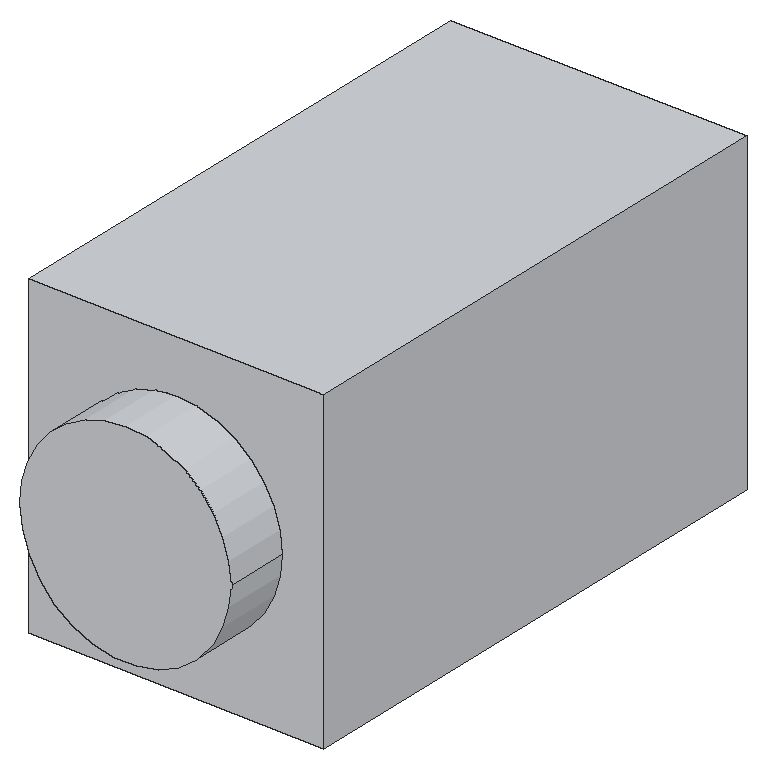
Revit family "M_T retangular para redondo - Transição", category Conexões de duto, Revit 2019
Family settings
  Cota do conector redondo = Usar raio
  Tipo de parte = Tê
  Número OmniClass = 23.75.70.14
  Título OmniClass = Air Ductwork
  ID de item do Seek = Rectangular to Round Tee - Transition-0000-CAN-ENU
  Com base no plano de trabalho = Não
  Sempre na vertical = Sim
  Corte com vazios quando carregada = Não
  Compartilhado = Não
Parameters (values of type "Padrão")
  Comprimento 3 [instance] = Comprimento do duto 2  # 150 mm
  Largura do duto [instance] = 1250 mm
  Raio do duto [instance] = 250 mm
  Comprimento do duto 2 [instance] = 150 mm
  Comprimento do duto 1 [instance] = Diâmetro do duto + 200 mm  # 700 mm
  Altura do duto [instance] = 750 mm
  Diâmetro do duto [instance] = 2 * Raio do duto  # 500 mm
Reference planes
  plane 1 "Centro (Frente/Trás)": y = 0
  plane 2: z = 0
  plane 3 "Centro (Esquerda/Direita)": x = 0
  plane 4: x = -350
  plane 5: x = 350
  plane 6: y = 625
  plane 7: y = -625
  plane 8: y = -775
Forms (mm)
  Sweep 1, solid, detail levels medium+fine
    path in 3D
      loop
        line (-350, 0, 0) -> (350, 0, 0)
    profile "M_Perfil do duto retangular : Duto - Retangular 1" origin (0, 0, 0) x (0, 1, 0) y (0, 0, 1)
      loop
        line (-625, 375) -> (-625, -375) -> (625, -375) -> (625, 375) -> (-625, 375)
  Sweep 2, solid, detail levels medium+fine
    path in 3D
      loop
        line (0, 0, 0) -> (0, -775, 0)
    profile origin (0, -387.5, 0) x (1, 0, 0) y (0, 0, 1)
      loop
        circle (0, 0) r 250
Cuts and joins
  joined: Sweep 1, Sweep 2
Lines and regions (mm)
  model lines, detail levels coarse
    curve 1: line (-350, 0, 0) -> (350, 0, 0)
    curve 3: line (0, 0, 0) -> (0, -775, 0)
  sketch lines
    curve 2: line (-350, 0, 0) -> (350, 0, 0)
    curve 4: line (0, 0, 0) -> (0, -775, 0)
Dimensions and locks
  equal spacing: plane 4, plane 3 "Centro (Esquerda/Direita)", plane 5
  "Comprimento do duto 1": plane 4 to plane 5
  "Largura do duto": plane 6 to plane 7
  equal spacing: plane 6, plane 1 "Centro (Frente/Trás)", plane 7
  "Comprimento 3": plane 7 to plane 8
  "Raio do duto": radius of Sweep 2 sketch curve
  aligned and locked: plane 1 "Centro (Frente/Trás)" to curve 1
  aligned and locked: plane 4 to curve 1
  aligned and locked: plane 5 to curve 1
  aligned and locked: curve 3 to plane 3 "Centro (Esquerda/Direita)"
  aligned and locked: plane 8 to curve 3
  aligned and locked: plane 1 "Centro (Frente/Trás)" to curve 3
Automatic sketch dimensions
  Sweep 2 sketch curve to profile plane = 0 mm  (x2)
Connectors
  hvac at (-350, 0, 0), driven by "Altura do duto", driven by "Largura do duto"
    settings: on cut or joined group of Sweep 1, Sweep 2, index 1, duct flow 0.0 L/s, flow factor 0, pres drop 0.0 Pa, loss coef 0, conn angle 0.00°, conn width 1250 mm, conn height 750 mm, conn diameter 609.6 mm, duct sys type 28, conn prof type 1, flow config 0, flow direction 0, loss method 0, conn ref index 2, conn util no, is conn primary yes, conn desc ""
  hvac at (350, 0, 0), driven by "Altura do duto", driven by "Largura do duto"
    settings: on cut or joined group of Sweep 1, Sweep 2, index 2, duct flow 0.0 L/s, flow factor 0, pres drop 0.0 Pa, loss coef 0, conn angle 0.00°, conn width 1250 mm, conn height 750 mm, conn diameter 609.6 mm, duct sys type 28, conn prof type 1, flow config 0, flow direction 0, loss method 0, conn ref index 1, conn util no, is conn primary no, conn desc ""
  hvac at (0, -775, 0), driven by "Raio do duto"
    settings: on cut or joined group of Sweep 1, Sweep 2, index 3, duct flow 0.0 L/s, flow factor 0, pres drop 0.0 Pa, loss coef 0, conn angle 0.00°, conn width 304.8 mm, conn height 304.8 mm, conn diameter 500 mm, duct sys type 28, conn prof type 0, flow config 0, flow direction 0, loss method 0, conn ref index -1, conn util no, is conn primary no, conn desc ""
